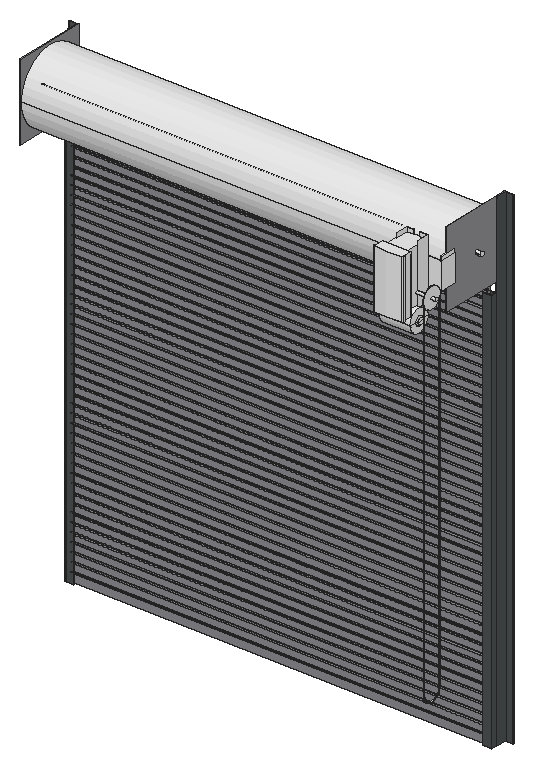
Revit family "FireKing-Fire-Rated-Insulated-Service-Doors_OHD_Model-635_compact", category Specialty Equipment, host Wall, Revit 2023
Family settings
  Host = Wall
  Round Connector Dimension = Use Diameter
  Part Type = Normal
  OmniClass Number = 23.30.10.21.34
  OmniClass Title = Industrial Doors
  Enable Cutting in Views = No
  Always vertical = Yes
  Cut with Voids When Loaded = Yes
  Maintain Annotation Orientation = No
  Shared = No
  Room Calculation Point = No
Parameters (values of type "115 volts, one phase, 60 Hz (110-120V range)")
  Width Count [instance] = if(or(Opening Width < 168", Opening Width = 168"), 14, if(or(Opening Width < 240", Opening Width = 240"), 20, 24))  # 14
  Warning Sign [instance] = if(Calculated Area > 683.00 SF, 1 = 1, 1 = 2)  # no
  Warning (Note) [instance] = if(Warning Sign, "The Door Area is out of the limit; please adjust accordingly. The maximum allowed area is 683 sq. ft.", if(HC Warning = 1, "Headroom Clearance Dimensions - out of the limits. Consult Factory", " "))  # " "
  Wall Thickness [instance] = 6"
  Voltage = 115 V
  Version = "1.00.01"  # constant formula
  True Opening Width [instance] = if(Between Jambs Mounting, Door Width True, Clear Width)  # 120"
  True Opening Height [instance] = if(Between Jambs Mounting, Clear Height + Headroom Height, Clear Height)  # 120"
  Slat Type [instance] = "F-265i"  # constant formula
  Slat Material [instance] = Steel - Overhead Door - Gray
  Slat Length [instance] = if(Between Jambs Mounting, Clear Width + 1 13/16" * 2, Clear Width + 1 9/16" * 2 + 1/4" * 2)  # 123 5/8"
  Slat Height [instance] = 13 19/128"  # constant formula
  Slat [instance] = 3  # constant formula
  Product Page URL = "https://www.overheaddoor.com/fire-rated-insulated-doors-635"
  Power Factor = 1
  Powder Coat (Note) = "PowderGuard® Premium powder coat finish options are available in approximately 200 colors as well as custom matching to specification. PowderGuard® Textured finish, a thicker, more scratch resistant coat, is available in 11 colors providing enhanced scratch resistance as well as aiding in hiding the dirt and blemishes that often occur in commercial environments.​"  # constant formula
  Operator Visibility = yes
  Operation (Note) [instance] = "Door could operate by manual push, crank, electrical operator or chain hoist. Manual push up and crank could be used up to 80 sf, for larger door sizes you have to use Chain Hoist operator."  # constant formula
  Opening Width Real [instance] = if(Opening Width > Max Opening Width, Max Opening Width, if(Opening Width < Min Opening Width, Min Opening Width, Opening Width))  # 120"
  Opening Width [instance] = 120"
  Opening Height Real [instance] = if(Opening Height > Max Opening Height, Max Opening Height, if(Opening Height < Min Opening Height, Min Opening Height, Opening Height))  # 120"
  Opening Height [instance] = 120"
  One Array element [instance] = not(Array Vis)  # no
  Number of Poles = 1
  Motor Type [instance] = if(Between Jambs Mounting, "RSX FDO Front of Hood", if(Motor Option < 2, "RSX FDO Front of Hood", if(Motor Option = 2, "RSX FDO Top of Hood", if(Motor Option = 3, "RSX Wall Mount", "RSX Bench Mount"))))  # "RSX FDO Front of Hood"
  Motor Selection (Note) [instance] = "Generic operator shown. Contact Overhead Door when dimensions are critical. "  # constant formula
  Motor Position [instance] = if(Between Jambs Mounting, BJ Displacement Real, 2 1/2")  # 2 1/2"
  Motor Option Real [instance] = if(Between Jambs Mounting, 1, if(Motor Option < 1, 1, if(Motor Option > 4, 4, Motor Option)))  # 1
  Motor Option [instance] = 1
  Min Opening Width [instance] = if(Between Jambs Mounting, 18" + BJ Displacement Real * 2 + 2 3/4" * 2, 18")  # 18"
  Min Opening Height [instance] = if(Between Jambs Mounting, 24" + Headroom Height, 24")  # 24"
  Max Opening Width [instance] = 288"  # constant formula
  Max Opening Height [instance] = 288"  # constant formula
  Lookup Table = "Hood Dimensions"  # constant formula
  Lookup BD [instance] = size_lookup(Lookup Table, "A3", 10", Width Count, Height Count)  # 21 1/2"
  Jambs Offset [instance] = if(Between Jambs Mounting, BJ Displacement Real + 2 3/4", 0")  # 0"
  Installation Real [instance] = if(Between Jambs Mounting, Wall Thickness / 2 - Guid Depth / 2, Wall Thickness)  # 6"
  Hood Type [instance] = if(Hood Option < 2, "No Hood", if(Hood Option = 2, "Square Hood", if(Hood Option = 3, "Octagon Hood", "Round Hood")))  # "No Hood"
  Hood Option [instance] = 1
  Hood Offset [instance] = if(Chain Hoist or Manual, 1", 3")  # 3"
  Hood Material [instance] = Metal - Overhead Door - Gray
  Hood Height [instance] = if(Between Jambs Mounting, Headroom Height - Hood Offset, if(Hood Option > 1, Headroom Height - Hood Offset - 1 1/2", Headroom Height - Hood Offset))  # 22 5/8"
  Height Count [instance] = HC 3  # 10
  Lookup HH [instance] = size_lookup(Lookup Table, "B3", 10", Width Count, Height Count)  # 23 5/8"
  Headroom Height [instance] = if(Chain Hoist or Manual, Lookup HH, Lookup HH + 2")  # 25 5/8"
  HC Warning [instance] = size_lookup(Lookup Table, "W3", 0, Width Count, Height Count)  # 0
  HC 3 [instance] = if(or(Opening Height < 120", Opening Height = 120"), 10, if(or(Opening Height < 168", Opening Height = 168"), 14, if(or(Opening Height < 192", Opening Height = 192"), 16, if(or(Opening Height < 216", Opening Height = 216"), 18, if(or(Opening Height < 228", Opening Height = 228"), 19, if(or(Opening Height < 252", Opening Height = 252"), 21, 24))))))  # 10
  Guide Type [instance] = if(Between Jambs Mounting, "Angled Between Jambs Z Guide", "Angled Z Guide")  # "Angled Z Guide"
  Guide Option [instance] = if(Between Jambs Mounting, 1, 2)  # 2
  Guid Depth [instance] = 5"  # constant formula
  Frequency = 60 Hz
  Face of Wall Offset [instance] = if(Between Jambs Mounting, 0", 5")  # 5"
  Face Of Wall Mounting [instance] = not(Between Jambs Mounting)  # yes
  Door Width True [instance] = if(Between Jambs Mounting, Clear Width + BJ Displacement Real * 2 + 2 3/4" * 2, Clear Width + 5 3/4" * 2)  # 131 1/2"
  Door Width (Real) [instance] = if(Between Jambs Mounting, Clear Width, Clear Width + 1" / 2)  # 120 1/2"
  Door Height True [instance] = Clear Width + Headroom Height  # 145 5/8"
  Door Height (Real) [instance] = Clear Height + Hood Offset  # 123"
  URL = "https://www.overheaddoor.com/"
  Product data url = "https://www.bimobject.com/overhead-door/product/fireking-fire-rated-service-doors-635"
  Product Guid = "b92c1c0a-c28d-4141-9bd0-b1420aeda4f7"
  Model = "635"  # constant formula
  Manufacturer = "Overhead Door Corporation"  # constant formula
  Wall Closure = By host
  Floor To (CL) of Shaft [instance] = Clear Height + Hood Height / 2 + Hood Offset  # 134 5/16"
  Finish Material = Finish - Overhead Door - Black
  Description = "FireKing Model 635 Insulated Rolling Fire Door R-Value 4.5 STC 21"  # constant formula
  Default Elevation = 0"
  Date Updated = "2026/05/29"  # constant formula
  Clear Width [instance] = if(Between Jambs Mounting, Opening Width Real - BJ Displacement Real * 2 - 2 3/4" * 2, Opening Width Real)  # 120"
  Clear Height [instance] = if(Between Jambs Mounting, Opening Height Real - Headroom Height, Opening Height Real)  # 120"
  Chain Hoist or Manual = no
  Current = 20 A
  Connector Array Distance = 0"  # constant formula
  Connector Array = if(Chain Hoist or Manual, 2, 3)  # 3
  BimObject_Variable_Connectors = "No"  # constant formula
  Between Jambs Mounting [instance] = no
  Between Jambs Guides Offset [instance] = 3"
  Bar [instance] = if(and(Hood Option > 1, Face Of Wall Mounting), 1 = 1, 1 = 2)  # no
  Backroom Depth [instance] = Lookup BD  # 21 1/2"
  BJ Opening Cut [instance] = if(Between Jambs Mounting, Headroom Height, 0")  # 0"
  BJ Displacement Real [instance] = if(Between Jambs Mounting, if(Between Jambs Guides Offset < 3", 3", if(Between Jambs Guides Offset > 6 3/4", 6 3/4", Between Jambs Guides Offset)), 0")  # 0"
  Array Vis [instance] = if(Array < 2, 1 = 2, 1 = 1)  # yes
  Array Real [instance] = if(Array < 2, 2, Array)  # 10
  Array Length [instance] = (Array) * Slat Height  # 131 31/64"
  Array [instance] = rounddown(([Door Height (Real)]) / Slat Height) + 1  # 10
  Calculated Area [instance] = [Door Width (Real)] * [Door Height (Real)]  # 102.927 SF
  Apparent Load Phase 3 = if(Number of Poles = 1, 0 VA, (Voltage * Current * sqrt(3)) / 3)  # 0 VA
  Apparent Load Phase 2 = if(Number of Poles = 1, 0 VA, (Voltage * Current * sqrt(3)) / 3)  # 0 VA
  Apparent Load Phase 1 = if(Number of Poles = 1, Voltage * Current, (Voltage * Current * sqrt(3)) / 3)  # 2300 VA
Reference planes (in)
  plane 1 "Center (Front/Back)": y = -14.625
  plane 2 "Center (Left/Right)": x = 0
  plane 3 "Left": x = -60
  plane 4 "Right": x = 60
  plane 5 "Exterior": y = -8.625
  plane 6 "Interior": y = -14.625
  plane 7: x = 65.75
  plane 8: x = -65.75
  plane 9: z = 120
  plane 10 "Main": y = -19.15209
  plane 11 "Backroom Depth": y = -36.125
  plane 12 "Main Door Block": y = -14.625
  plane 13 "Bottom Bar": z = 2.75
  plane 14: y = -19.625
  plane 15: z = 134.23438
  plane 16: z = 145.625
  plane 17: z = 123
  plane 18: z = 147.125
  plane 19: z = 0
  plane 20: z = 60
  plane 21: y = -18.88622
  plane 22: y = 18.375
  plane 23: y = -41.625
  plane 24 "Double Main": y = -18.57372
  plane 25 "Headroom Top": z = 145.625
  plane 26: z = 134.3125
  plane 27: x = 63.25
  plane 28: x = -63.25
Forms (in)
  Extrusion 1, void
    sketch origin (0, -14.625, 0) x (0, 0, -1) y (-1, 0, 0)
      loop
        line (-120, 60) -> (-120, -60) -> (0, -60) -> (0, 60) -> (-120, 60)
    from 0 to 6
  Extrusion 2, solid, material "Metal - Overhead Door - Gray" <- "Hood Material", visible <- "Bar"
    sketch origin (0, 0, 0) x (0, 1, 0) y (0, 0, 1)
      loop
        line (-14.875, 145.625) -> (-14.625, 145.625) -> (-14.625, 147.125) -> (-14.875, 147.125) -> (-14.875, 145.625)
    from -63 to 63
Lines and regions (in)
  symbolic lines, visible <- "Bar"
    curve 1: line (63, -14.625, 0) -> (-63, -14.625, 0)
    curve 2: line (-63, -14.875, 0) -> (63, -14.875, 0)
Text (in)
  text "Exterior" at (-74.96733, 27.31104, 0), in view "Ref. Level"
  text "Interior" at (-74.96733, -25.14366, 0), in view "Ref. Level"
  text "Exterior" at (0, 40.15149, 123.01588), in view "Right"
  text "Interior" at (0, -64.39139, 123.01588), in view "Right"
  text "Interior" at (0, -31.01599, 123.00693), in view "Left"
  text "Exterior" at (0, 54.57065, 123.00693), in view "Left"
Dimensions and locks (in)
  equal spacing: plane 3 "Left", plane 2 "Center (Left/Right)", plane 4 "Right"
  "Clear Width": plane 3 "Left" to plane 4 "Right"
  level to host wall = 459.59655"
  "Clear Height": level to plane 9
  plane 7 to plane 8 = 131 1/2"
  equal spacing: plane 7, plane 2 "Center (Left/Right)", plane 8
  locked: plane 13 "Bottom Bar" to level at 2.75
  "Door Width True": plane 7 to plane 8
  "Guid Depth": plane 14 to plane 12 "Main Door Block"
  locked: plane 14 to plane 10 "Main" at 0.47291
  equal spacing: group 1, group 3, group 4, group 5, group 6, group 7, group 8, group 9, group 10, group 2  (x3)
  "Array Length": plane 15 to plane 13 "Bottom Bar"
  "Backroom Depth": plane 11 "Backroom Depth" to plane 12 "Main Door Block"
  "Hood Height": plane 16 to plane 17
  locked: plane 18 to plane 16 at 1.5
  locked: Extrusion 2 sketch curve to Extrusion 2 sketch curve at 0.25
  "Installation Real": plane 1 "Center (Front/Back)" to plane 5 "Exterior"
  "Wall Thickness": host wall to host wall
  equal spacing: plane 9, plane 20, plane 19
  locked: plane 10 "Main" to plane 21 at 0.26587
  equal spacing: plane 22, host wall, plane 23
  locked: plane 22 to plane 23 at 60
  locked: plane 10 "Main" to plane 24 "Double Main" at 0.57837
  "BJ Opening Cut": Extrusion 1 sketch curve to plane 9
  locked: Extrusion 2 sketch curve to Extrusion 2 sketch curve at 1.5
  "Hood Offset": plane 17 to plane 9
  "Headroom Height": plane 25 "Headroom Top" to plane 9
  "Floor To (CL) of Shaft": plane 26 to level
  "Jambs Offset": plane 4 "Right" to Extrusion 1 sketch curve
  "Jambs Offset": Extrusion 1 sketch curve to plane 3 "Left"
  "Motor Position": plane 7 to plane 27
  "Motor Position": plane 28 to plane 8
  locked: plane 28 to Extrusion 2 at 0.25
  locked: Extrusion 2 to plane 27 at 0.25
  aligned and locked: plane 5 "Exterior" to host wall
  aligned and locked: host wall to plane 6 "Interior"
  aligned and locked: level to Extrusion 1 sketch curve
  aligned and locked: Extrusion 1 to plane 5 "Exterior"
  aligned and locked: plane 6 "Interior" to Extrusion 1
  aligned and locked: nested 1 to plane 10 "Main"
  aligned and locked: nested 2 to plane 10 "Main"
  aligned and locked: plane 13 "Bottom Bar" to nested 1
  aligned and locked: nested 3 to plane 2 "Center (Left/Right)"
  aligned and locked: plane 16 to nested 4
  aligned and locked: nested 3 to level
  aligned and locked: Extrusion 2 sketch curve to plane 18
  aligned and locked: Extrusion 2 sketch curve to plane 6 "Interior"
  aligned and locked: curve 1 to Extrusion 2  (x2)
  aligned and locked: curve 2 to Extrusion 2  (x2)
  aligned and locked: Extrusion 2 to curve 2
  aligned and locked: plane 12 "Main Door Block" to plane 1 "Center (Front/Back)"
  aligned and locked: nested 4 to plane 5 "Exterior"
  aligned and locked: level to plane 19
  aligned and locked: plane 15 to nested 2
  aligned and locked: nested 3 to plane 1 "Center (Front/Back)"
  aligned and locked: plane 2 "Center (Left/Right)" to nested 5
  aligned and locked: nested 5 to plane 22
  aligned and locked: plane 23 to nested 6
  aligned and locked: nested 6 to plane 2 "Center (Left/Right)"
  aligned and locked: nested 7 to plane 20
  aligned and locked: plane 2 "Center (Left/Right)" to nested 7
  aligned and locked: nested 7 to plane 10 "Main"
  aligned and locked: plane 13 "Bottom Bar" to nested 8
  aligned and locked: plane 2 "Center (Left/Right)" to nested 8
  aligned and locked: nested 8 to plane 10 "Main"
  aligned and locked: nested 4 to plane 27
  aligned and locked: plane 2 "Center (Left/Right)" to nested 1
  aligned and locked: plane 2 "Center (Left/Right)" to nested 9
Automatic sketch dimensions
  curve 1 to curve 2 = 0"
Nested families (in)
  nested 1: "Slat" at (0, -19.15209, 2.75), visible <- "Array Vis", type "Slat"
  nested 2: "Slat" at (0, -19.15209, 121.08438), visible <- "Array Vis", type "Slat"
  nested 3: "Lifts" at (0, -14.625, 0), type "Frame Unit"
    with Square Hood no, Round Hood no, Octagon Hood no, No Hood yes, Hood Offset 3", Hood Height 22 5/8", Headroom Height Real 25 5/8", Half Octagon Side 4.4528", Half Hood Height 22 5/8", Shaft Offset 10 3/4", Radius Hood 10 3/4", Headroom Height 25 5/8", Header Width 21 1/2", Floor To (CL) of Shaft 134 5/16"
  nested 4: "Motor" at (56.3705, -43.705, 123.2425), visible <- "Operator Visibility", type "Trolley Motor"
    with Vertical Mount 22.3825", Hood Width Real 21 1/2", Hood Width 21 1/2", Hood Height 22 5/8", Floor To Cl Shaft 134 5/16"
  nested 5: "Label Annotation 1" at (0, 18.375, 0), visible <- "Warning Sign", type "Label Annotation 1"
  nested 6: "Label Annotation 1" at (0, -41.625, 0) x (-1, 0, 0) z (0, 0, 1), visible <- "Warning Sign", type "Label Annotation 1"
  nested 7: "Warning Sign" at (0, -19.15209, 60), visible <- "Warning Sign", type "Warning Sign"
    with Warning Sign no
  nested 8: "Slat" at (0, -19.15209, 2.75), visible <- "One Array element", type "Slat"
  nested 9: "Slat" at (0, -19.15209, 15.89826), visible <- "Array Vis", type "Slat"
  nested 10: "Slat" at (0, -19.15209, 29.04653), visible <- "Array Vis", type "Slat"
  nested 11: "Slat" at (0, -19.15209, 42.19479), visible <- "Array Vis", type "Slat"
  nested 12: "Slat" at (0, -19.15209, 55.34306), visible <- "Array Vis", type "Slat"
  nested 13: "Slat" at (0, -19.15209, 68.49132), visible <- "Array Vis", type "Slat"
  nested 14: "Slat" at (0, -19.15209, 81.63958), visible <- "Array Vis", type "Slat"
  nested 15: "Slat" at (0, -19.15209, 94.78785), visible <- "Array Vis", type "Slat"
  nested 16: "Slat" at (0, -19.15209, 107.93611), visible <- "Array Vis", type "Slat"
Connectors (in)
  electrical at (59.3585, -42.31077, 133.8123), driven by "Apparent Load Phase 1", driven by "Number of Poles", driven by "Power Factor", driven by "Voltage", driven by "Apparent Load Phase 2", driven by "Apparent Load Phase 3"
    settings: on nested 4, index 1, voltage 115 V, apparent load 0 VA, apparent load phase1 2300 VA, apparent load phase2 0 VA, apparent load phase3 0 VA, power factor 1, load classification "Other", number of poles 1, system type 31, power factor state 1, is connector primary yes, connector utility no, sub classification motor no, connector description "Electrical Connector"
Definition of nested family "Slat"
  Parameters (values of type "Slat")
    Slat Width = 3/4"  # constant formula
    Slat Position = 2.63" * 5  # 13.15"
    Slat Option = 3
    Panel Material = none
    Opening Width = 123 5/8"
    F 265 = 1 = 1  # yes
    Default Elevation = 48"
  Reference planes (in)
    plane 1 "Center (Front/Back)": y = 0
    plane 2: z = 0
    plane 3 "Center (Left/Right)": x = 0
    plane 4: x = -61.8125
    plane 5: x = 61.8125
    plane 6: y = 0.75
    plane 7: y = 0
    plane 8: z = 0
    plane 9: z = 13.15
    plane 10: y = 0.375
  Forms (in)
    Extrusion 1, solid, material <- "Panel Material", visible <- "F 265"
      sketch origin (0, -4.98186, 13.15) x (0, 1, 0) y (0, 0, 1)
        loop
          arc (5.17373, -0.11957) -> (5.57105, 0.04102) -> (5.14251, 0.0437) r 0.21842
          line (5.14251, 0.0437) -> (4.98186, -0.36818) -> (4.98186, -2.21216) -> (5.67186, -2.21216) -> (5.67186, -2.96114)
          arc (5.67186, -2.96114) -> (5.65961, -2.98532) -> (5.63287, -2.98976) r 0.03
          line (5.63287, -2.98976) -> (5.15787, -2.8405) -> (5.17381, -2.76244)
          arc (5.17381, -2.76244) -> (5.57162, -2.60343) -> (5.14325, -2.59768) r 0.21842
          line (5.14325, -2.59768) -> (4.98186, -3.01145) -> (4.98186, -4.83587) -> (5.67186, -4.83587) -> (5.67186, -5.57705)
          arc (5.67186, -5.57705) -> (5.65961, -5.60124) -> (5.63287, -5.60567) r 0.03
          line (5.63287, -5.60567) -> (5.15819, -5.45652) -> (5.17407, -5.37876)
          arc (5.17407, -5.37876) -> (5.57157, -5.21912) -> (5.14325, -5.2136) r 0.21842
          line (5.14325, -5.2136) -> (4.98186, -5.62736) -> (4.98186, -7.4614) -> (5.67186, -7.4614) -> (5.67186, -8.20377)
          arc (5.67186, -8.20377) -> (5.65961, -8.22795) -> (5.63287, -8.23239) r 0.03
          line (5.63287, -8.23239) -> (5.15787, -8.08313) -> (5.17381, -8.00507)
          arc (5.17381, -8.00507) -> (5.57162, -7.84606) -> (5.14325, -7.84031) r 0.21842
          line (5.14325, -7.84031) -> (4.98186, -8.25408) -> (4.98186, -10.08693) -> (5.67186, -10.08693) -> (5.67186, -10.8306)
          arc (5.67186, -10.8306) -> (5.65961, -10.85479) -> (5.63287, -10.85922) r 0.03
          line (5.63287, -10.85922) -> (5.15819, -10.71007) -> (5.17407, -10.6323)
          arc (5.17407, -10.6323) -> (5.57157, -10.47266) -> (5.14325, -10.46715) r 0.21842
          line (5.14325, -10.46715) -> (4.98186, -10.88091) -> (4.98186, -12.71247) -> (5.67186, -12.71247) -> (5.67186, -13.46787)
          arc (5.67186, -13.46787) -> (5.65961, -13.49205) -> (5.63287, -13.49649) r 0.03
          line (5.63287, -13.49649) -> (5.15787, -13.34723) -> (5.17381, -13.26917)
          arc (5.17381, -13.26917) -> (5.57144, -13.10921) -> (5.14285, -13.1063) r 0.21842
          line (5.14285, -13.1063) -> (5.09243, -13.35158)
          arc (5.09243, -13.35158) -> (5.09708, -13.37943) -> (5.11919, -13.39699) r 0.03935
          line (5.11919, -13.39699) -> (5.62788, -13.55684)
          arc (5.62788, -13.55684) -> (5.6992, -13.54501) -> (5.73186, -13.48052) r 0.08
          line (5.73186, -13.48052) -> (5.73186, -11.02515)
          arc (5.73186, -11.02515) -> (5.70998, -10.97017) -> (5.6563, -10.94527) r 0.08
          line (5.6563, -10.94527) -> (5.15805, -10.91757)
          arc (5.15805, -10.91757) -> (5.1326, -10.90703) -> (5.12205, -10.88158) r 0.03599
          line (5.12205, -10.88158) -> (5.14644, -10.7683) -> (5.62788, -10.91957)
          arc (5.62788, -10.91957) -> (5.6992, -10.90774) -> (5.73186, -10.84325) r 0.08
          line (5.73186, -10.84325) -> (5.73186, -8.39831)
          arc (5.73186, -8.39831) -> (5.70998, -8.34334) -> (5.6563, -8.31844) r 0.08
          line (5.6563, -8.31844) -> (5.15803, -8.29076)
          arc (5.15803, -8.29076) -> (5.13258, -8.28021) -> (5.12203, -8.25476) r 0.036
          line (5.12203, -8.25476) -> (5.14608, -8.14135) -> (5.62788, -8.29274)
          arc (5.62788, -8.29274) -> (5.6992, -8.28091) -> (5.73186, -8.21642) r 0.08
          line (5.73186, -8.21642) -> (5.73186, -5.7716)
          arc (5.73186, -5.7716) -> (5.70998, -5.71663) -> (5.6563, -5.69173) r 0.08
          line (5.6563, -5.69173) -> (5.15805, -5.66403)
          arc (5.15805, -5.66403) -> (5.1326, -5.65348) -> (5.12205, -5.62803) r 0.03599
          line (5.12205, -5.62803) -> (5.14644, -5.51475) -> (5.62788, -5.66603)
          arc (5.62788, -5.66603) -> (5.6992, -5.6542) -> (5.73186, -5.5897) r 0.08
          line (5.73186, -5.5897) -> (5.73186, -3.15569)
          arc (5.73186, -3.15569) -> (5.70998, -3.10071) -> (5.6563, -3.07581) r 0.08
          line (5.6563, -3.07581) -> (5.15803, -3.04813)
          arc (5.15803, -3.04813) -> (5.13258, -3.03758) -> (5.12203, -3.01213) r 0.036
          line (5.12203, -3.01213) -> (5.14608, -2.89872) -> (5.62788, -3.05011)
          arc (5.62788, -3.05011) -> (5.6992, -3.03828) -> (5.73186, -2.97379) r 0.08
          line (5.73186, -2.97379) -> (5.73186, -0.5124)
          arc (5.73186, -0.5124) -> (5.7099, -0.45735) -> (5.65608, -0.43252) r 0.08
          line (5.65608, -0.43252) -> (5.15717, -0.40616)
          arc (5.15717, -0.40616) -> (5.13253, -0.39595) -> (5.12232, -0.37131) r 0.03484
          line (5.12232, -0.37131) -> (5.17373, -0.11957)
      from -61.8125 to 61.8125
  Lines and regions (in)
    reference lines
      curve 1: line (0, -4.98186, 13.15) -> (0, 10.2077, 13.15)
  Dimensions and locks (in)
    equal spacing: plane 4, plane 3 "Center (Left/Right)", plane 5
    "Opening Width": plane 4 to plane 5
    "Slat Width": plane 1 "Center (Front/Back)" to plane 6
    "Slat Position": plane 9 to level
    equal spacing: plane 1 "Center (Front/Back)", plane 10, plane 6
    aligned and locked: plane 2 to level
    aligned and locked: plane 1 "Center (Front/Back)" to plane 7
    aligned and locked: level to plane 8
    aligned and locked: plane 5 to Extrusion 1
    aligned and locked: plane 4 to Extrusion 1
    aligned and locked: curve 1 to plane 9
  Automatic sketch dimensions
    plane 1 "Center (Front/Back)" to curve 1 = 4.98186"
    curve 1 to plane 6 = 9.4577"
    curve 1 to Extrusion 1 sketch curve = 4.98186"  (x2)
    Extrusion 1 sketch curve to Extrusion 1 sketch curve = 0"  (x4)
    curve 1 to Extrusion 1 sketch curve = 0.36818"
    Extrusion 1 sketch curve to Extrusion 1 sketch curve = 0.11057"
    Extrusion 1 sketch curve to Extrusion 1 sketch curve = 0.02676"
    Extrusion 1 sketch curve to Extrusion 1 sketch curve = 0.14017"  (x2)
    Extrusion 1 sketch curve to Extrusion 1 sketch curve = 0.14019"  (x2)
    curve 1 to Extrusion 1 sketch curve = 0.37131"
    Extrusion 1 sketch curve to Extrusion 1 sketch curve = 0.14046"
    Extrusion 1 sketch curve to Extrusion 1 sketch curve = 0.0118"
    Extrusion 1 sketch curve to curve 1 = 0.0437"
    Extrusion 1 sketch curve to Extrusion 1 sketch curve = 0.02019"
    Extrusion 1 sketch curve to Extrusion 1 sketch curve = 0.02119"  (x2)
    Extrusion 1 sketch curve to Extrusion 1 sketch curve = 0.02122"  (x2)
    curve 1 to Extrusion 1 sketch curve = 2.59768"
    Extrusion 1 sketch curve to Extrusion 1 sketch curve = 0.02405"  (x2)
    Extrusion 1 sketch curve to Extrusion 1 sketch curve = 0.02439"  (x2)
    Extrusion 1 sketch curve to Extrusion 1 sketch curve = 0.03484"
    Extrusion 1 sketch curve to Extrusion 1 sketch curve = 0.02689"
    Extrusion 1 sketch curve to Extrusion 1 sketch curve = 0.01179"  (x2)
    curve 1 to Extrusion 1 sketch curve = 3.04813"
    Extrusion 1 sketch curve to Extrusion 1 sketch curve = 0.036"  (x2)
    Extrusion 1 sketch curve to Extrusion 1 sketch curve = 0.03599"  (x2)
    Extrusion 1 sketch curve to Extrusion 1 sketch curve = 0.01175"  (x2)
    curve 1 to Extrusion 1 sketch curve = 0.11957"
    Extrusion 1 sketch curve to Extrusion 1 sketch curve = 0.03122"
    Extrusion 1 sketch curve to Extrusion 1 sketch curve = 0.01594"  (x3)
    curve 1 to Extrusion 1 sketch curve = 2.76244"
    Extrusion 1 sketch curve to Extrusion 1 sketch curve = 0.01588"  (x2)
    curve 1 to Extrusion 1 sketch curve = 0"
    Extrusion 1 sketch curve to Extrusion 1 sketch curve = 0.18305"  (x2)
    Extrusion 1 sketch curve to Extrusion 1 sketch curve = 0.18279"  (x2)
    Extrusion 1 sketch curve to Extrusion 1 sketch curve = 0.21361"
    Extrusion 1 sketch curve to Extrusion 1 sketch curve = 0.27102"
    curve 1 to Extrusion 1 sketch curve = 3.05011"
    Extrusion 1 sketch curve to Extrusion 1 sketch curve = 0.46985"  (x2)
    Extrusion 1 sketch curve to Extrusion 1 sketch curve = 0.46983"  (x2)
    curve 1 to Extrusion 1 sketch curve = 2.98976"
    Extrusion 1 sketch curve to Extrusion 1 sketch curve = 0.00499"  (x5)
    Extrusion 1 sketch curve to Extrusion 1 sketch curve = 0.00899"  (x5)
    Extrusion 1 sketch curve to Extrusion 1 sketch curve = 0.01"  (x5)
    Extrusion 1 sketch curve to Extrusion 1 sketch curve = 0.02398"  (x4)
    Extrusion 1 sketch curve to Extrusion 1 sketch curve = 0.49469"
    curve 1 to Extrusion 1 sketch curve = 0.43252"
    Extrusion 1 sketch curve to Extrusion 1 sketch curve = 0.00422"
    Extrusion 1 sketch curve to Extrusion 1 sketch curve = 0.02842"  (x4)
    curve 1 to Extrusion 1 sketch curve = 3.07581"
    Extrusion 1 sketch curve to Extrusion 1 sketch curve = 0.315"  (x3)
    Extrusion 1 sketch curve to Extrusion 1 sketch curve = 0.02"  (x2)
    Extrusion 1 sketch curve to Extrusion 1 sketch curve = 0.08"  (x2)
    Extrusion 1 sketch curve to Extrusion 1 sketch curve = 0.06"
    Extrusion 1 sketch curve to Extrusion 1 sketch curve = 1.68018"
    Extrusion 1 sketch curve to Extrusion 1 sketch curve = 0.37773"
    Extrusion 1 sketch curve to Extrusion 1 sketch curve = 0.04559"  (x3)
    Extrusion 1 sketch curve to Extrusion 1 sketch curve = 0.07776"  (x2)
    Extrusion 1 sketch curve to Extrusion 1 sketch curve = 0.05823"  (x2)
    Extrusion 1 sketch curve to Extrusion 1 sketch curve = 0.11262"  (x2)
    Extrusion 1 sketch curve to Extrusion 1 sketch curve = 29/256"  (x2)
    Extrusion 1 sketch curve to Extrusion 1 sketch curve = 1.6898"
    Extrusion 1 sketch curve to Extrusion 1 sketch curve = 97/256"
    Extrusion 1 sketch curve to Extrusion 1 sketch curve = 0.07806"  (x2)
    Extrusion 1 sketch curve to Extrusion 1 sketch curve = 0.05822"
    Extrusion 1 sketch curve to Extrusion 1 sketch curve = 0.11273"
    Extrusion 1 sketch curve to Extrusion 1 sketch curve = 0.11341"
    Extrusion 1 sketch curve to Extrusion 1 sketch curve = 1.68862"
    Extrusion 1 sketch curve to Extrusion 1 sketch curve = 0.38021"
    Extrusion 1 sketch curve to Extrusion 1 sketch curve = 1.79489"
    Extrusion 1 sketch curve to Extrusion 1 sketch curve = 0.43753"
    Extrusion 1 sketch curve to Extrusion 1 sketch curve = 0.11917"
    Extrusion 1 sketch curve to Extrusion 1 sketch curve = 0.00435"
    Extrusion 1 sketch curve to Extrusion 1 sketch curve = 0.01222"
    Extrusion 1 sketch curve to Extrusion 1 sketch curve = 0.00068"
    Extrusion 1 sketch curve to Extrusion 1 sketch curve = 0.43112"
    Extrusion 1 sketch curve to Extrusion 1 sketch curve = 0.0313"
    Extrusion 1 sketch curve to Extrusion 1 sketch curve = 0.00034"
Definition of nested family "Lifts"
  Parameters (values of type "Frame Unit")
    True Width = if(Between Jambs, Opening Width, Opening Width + 1/2")  # 120 1/2"
    Square Hood [instance] = if(Hood Option = 2, 1 = 1, 1 = 2)  # no
    Round Hood [instance] = if(Hood Option > 3, 1 = 1, 1 = 2)  # no
    Rough Width = 0"
    Rough Height = 0"
    Octagon Hood [instance] = if(Hood Option = 3, 1 = 1, 1 = 2)  # no
    No Hood [instance] = if(Hood Option < 2, 1 = 1, 1 = 2)  # yes
    Hood Type = if(Hood Option < 2, "No Hood", if(Hood Option = 2, "Square Hood", if(Hood Option = 3, "Octagon Hood", "Round Hood")))  # "No Hood"
    Hood Option = 1
    Hood Offset = 3 1/2"
    Hood Height = Headroom Height Real - Hood Offset  # 18 1/8"
    Headroom Height Real = if(Between Jambs, Headroom Height, if(Hood Option > 1, Headroom Height - 1 1/2", Headroom Height))  # 21 5/8"
    Half Octagon Side = (Radius Hood * 2 * tan(180.00° / 8)) / 2  # 3.62437"
    Half Hood Height = Headroom Height - Hood Offset  # 18 1/8"
    E Guide Width = if(Between Jambs, Guide Offset - Z Guide Offset + BJ Connection Length - BJ Displacement * 2 / 3, 3 3/8")  # 3 3/8"
    E Guide Height = 3 7/16"
    Z Guide = 1 = 1  # yes
    Slat Material = none
    Shaft Offset = if(Hood Height < Header Width, (Header Width - (Header Width - Hood Height)) / 2, Header Width / 2)  # 8 3/4"
    Shaft Material = none
    Shaft Length 2 = 4 3/4"  # constant formula
    Shaft Length 1 = 4 3/4"  # constant formula
    Setback = if(Between Jambs, 0", 1/4")  # 1/4"
    Radius Hood = Shaft Offset  # 8 3/4"
    Opening Width = 120"
    Hood Material = none
    Headroom Height = 21 5/8"
    Header Width = 17 1/2"
    Opening Height = 120"
    Guide Type = if(Between Jambs, "Angled Between Jambs Z Guide", "Angled Z Guide")  # "Angled Z Guide"
    Guide Option = if(Between Jambs, 1, 2)  # 2
    Guide Offset = BJ Displacement + Z Guide Offset  # 3"
    Guide Z Wide = if(Between Jambs, Guide Offset - Z Guide Offset + BJ Connection Length - BJ Displacement * 2 / 3, 2 1/2")  # 2 1/2"
    Guide Z Height = 3.438"  # constant formula
    Floor To (CL) of Shaft = 132 9/16"
    Finish Material = none
    Face to Wall Mount = not(Between Jambs)  # yes
    Z Guide Offset = if(Between Jambs, 2 3/4", 3")  # 3"
    E Guide = if(Between Jambs, 1 = 1, 1 = 2)  # no
    Between Jambs = no
    BJ Position = if(and(Between Jambs, Guide Option < 2), 1/4", 0")  # 0"
    BJ Displacement = 0"
    BJ Connection Length = 1 / 3 * BJ Displacement  # 0"
    Angled Guide = 1 = 1  # yes
    Analytic Construction = "<None>"
  Reference planes (in)
    plane 1 "Center (Front/Back)": y = 0
    plane 2: z = 0
    plane 3 "Center (Left/Right)": x = 0
    plane 4 "Opening Height": z = 120
    plane 5: x = -65
    plane 6: x = 65
    plane 7: z = 141.625
    plane 8: y = 17.5
    plane 9 "Real Opening 2": x = -60.25
    plane 10 "Real Opening 1": x = 60.25
    plane 11: z = 123.5
    plane 12 "Main": y = 0
    plane 13: z = 132.5625
    plane 14: y = 8.75
    plane 15: x = 63.25
    plane 16: x = -63.25
    plane 17: x = -63.25
    plane 18: x = 63.25
    plane 19: y = 5
    plane 20: x = -63
    plane 21: x = 63
    plane 22: y = 8.75
    plane 23: z = 143.125
  Forms (in)
    Extrusion 1, solid, material <- "Slat Material"
      sketch origin (0, 0, 0) x (0, 1, 0) y (0, 0, 1)
        loop
          line (4.406, 2.375) -> (4.406, 2.75) -> (3.781, 2.75) -> (3.781, 2.375) -> (4.406, 2.375)
      from -63 to 63
    Extrusion 2, solid, material <- "Slat Material"
      sketch origin (0, 0, 0) x (0, 1, 0) y (0, 0, 1)
        loop
          line (4.406, 2.375) -> (3.781, 2.375) -> (3.781, 0) -> (4.406, 0) -> (4.406, 2.375)
      from -63 to 63
    Extrusion 3, solid, material <- "Shaft Material"
      sketch origin (0, -5.35201, 0) x (0, 1, 0) y (0, 0, 1)
        loop
          circle (14.10201, 132.5625) r 0.6
      from -65 to 65
    Extrusion 4, solid, material <- "Hood Material", visible <- "Square Hood"
      sketch origin (0, 0, 0) x (0, 1, 0) y (0, 0, 1)
        loop
          line (0, 123.5) -> (17.5, 123.5) -> (17.5, 141.625) -> (0, 141.625) -> (0, 123.5)
      from -63 to 63
    Extrusion 5, solid, material <- "Hood Material", visible <- "Round Hood"
      sketch origin (0, 0, 0) x (0, 1, 0) y (0, 0, 1)
        loop
          line (0, 141.625) -> (0, 123.5) -> (8.75, 123.5)
          arc (8.75, 123.5) -> (17.8125, 132.5625) -> (8.75, 141.625) r 9.0625
          line (8.75, 141.625) -> (0, 141.625)
      from -63 to 63
    Extrusion 6, solid, material <- "Finish Material", visible <- "E Guide"
      sketch origin (0, 0, 0) x (1, 0, 0) y (0, 1, 0)
        loop
          line (59.875, 0) -> (63.25, 0) -> (63.25, 3.4375) -> (63.1875, 3.4375)
          arc (63.1875, 3.4375) -> (63.05492, 3.38258) -> (63, 3.25) r 0.1875
          line (63, 3.25) -> (63, 0.25) -> (60.0625, 0.25)
          arc (60.0625, 0.25) -> (59.92992, 0.19508) -> (59.875, 0.0625) r 0.1875
          line (59.875, 0.0625) -> (59.875, 0)
        loop
          line (-59.875, 0) -> (-59.875, 0.0625)
          arc (-59.875, 0.0625) -> (-59.92992, 0.19508) -> (-60.0625, 0.25) r 0.1875
          line (-60.0625, 0.25) -> (-63, 0.25) -> (-63, 3.25)
          arc (-63, 3.25) -> (-63.05492, 3.38258) -> (-63.1875, 3.4375) r 0.1875
          line (-63.1875, 3.4375) -> (-63.25, 3.4375) -> (-63.25, 0) -> (-59.875, 0)
      from 0 to 141.625
    Extrusion 7, solid, material <- "Finish Material", visible <- "Z Guide"
      sketch origin (0, 0, 0) x (1, 0, 0) y (0, 1, 0)
        loop
          line (65.75, 0) -> (65.75, 0.062)
          arc (65.75, 0.062) -> (65.69494, 0.19494) -> (65.562, 0.25) r 0.188
          line (65.562, 0.25) -> (63.5, 0.25) -> (63.5, 3.25)
          arc (63.5, 3.25) -> (63.44494, 3.38294) -> (63.312, 3.438) r 0.188
          line (63.312, 3.438) -> (63.25, 3.438) -> (63.25, 0) -> (65.75, 0)
        loop
          line (-65.75, 0) -> (-63.25, 0) -> (-63.25, 3.438) -> (-63.312, 3.438)
          arc (-63.312, 3.438) -> (-63.44494, 3.38294) -> (-63.5, 3.25) r 0.188
          line (-63.5, 3.25) -> (-63.5, 0.25) -> (-65.562, 0.25)
          arc (-65.562, 0.25) -> (-65.69494, 0.19494) -> (-65.75, 0.062) r 0.188
          line (-65.75, 0.062) -> (-65.75, 0)
      from 0 to 141.625
    Extrusion 8, solid, material <- "Finish Material", visible <- "Angled Guide"
      sketch origin (0, 0, 0) x (1, 0, 0) y (0, 1, 0)
        loop
          line (60.5, 5) -> (60.5, 4.937)
          arc (60.5, 4.937) -> (60.55477, 4.80477) -> (60.687, 4.75) r 0.187
          line (60.687, 4.75) -> (63, 4.75) -> (63, 3.4375) -> (60.5, 3.4375) -> (60.5, 3.3745)
          arc (60.5, 3.3745) -> (60.55477, 3.24227) -> (60.687, 3.1875) r 0.187
          line (60.687, 3.1875) -> (62.75, 3.1875) -> (62.75, 1) -> (63, 1) -> (63, 0.6875) -> (63.25, 0.6875) -> (63.25, 5) -> (60.5, 5)
        loop
          line (-60.5, 5) -> (-63.25, 5) -> (-63.25, 0.6875) -> (-63, 0.6875) -> (-63, 1) -> (-62.75, 1) -> (-62.75, 3.1875) -> (-60.687, 3.1875)
          arc (-60.687, 3.1875) -> (-60.55477, 3.24227) -> (-60.5, 3.3745) r 0.187
          line (-60.5, 3.3745) -> (-60.5, 3.4375) -> (-63, 3.4375) -> (-63, 4.75) -> (-60.687, 4.75)
          arc (-60.687, 4.75) -> (-60.55477, 4.80477) -> (-60.5, 4.937) r 0.187
          line (-60.5, 4.937) -> (-60.5, 5)
      from 0 to 120
    Extrusion 9, solid, material <- "Hood Material"
      sketch origin (0, 0, 0) x (-1, 0, 0) y (0, 0, 1)
        loop
          line (63, 123.5) -> (63.25, 123.5) -> (63.25, 141.625) -> (63, 141.625) -> (63, 123.5)
        loop
          line (-63.25, 123.5) -> (-63, 123.5) -> (-63, 141.625) -> (-63.25, 141.625) -> (-63.25, 123.5)
      from 0 to 17.5
    Extrusion 10, solid, material <- "Shaft Material", visible <- "No Hood"
      sketch origin (0, 0, 0) x (0, 1, 0) y (0, 0, 1)
        loop
          circle (8.75, 132.5625) r 8.75
      from -63 to 63
    Extrusion 11, solid, material <- "Hood Material", visible <- "Octagon Hood"
      sketch origin (0, 0, 0) x (0, 1, 0) y (0, 0, 1)
        loop
          line (0, 141.625) -> (0, 123.5) -> (12.37437, 123.5) -> (17.5, 128.93813) -> (17.5, 136.18687) -> (12.37437, 141.625) -> (0, 141.625)
      from -63 to 63
  Lines and regions (in)
    Masking region 1
      outline origin (0, 0, 0) x (1, 0, 0) y (0, 1, 0)
        loop
          line (65, 9.35) -> (63.25, 9.35) -> (63.25, 8.15) -> (65, 8.15) -> (65, 9.35)
        loop
          line (-65, 8.15) -> (-63.25, 8.15) -> (-63.25, 9.35) -> (-65, 9.35) -> (-65, 8.15)
    Masking region 2
      outline origin (0, 0, 0) x (1, 0, 0) y (0, 1, 0)
        loop
          line (-63.25, 17.5) -> (-63.25, 0) -> (63.25, 0) -> (63.25, 17.5) -> (-63.25, 17.5)
    Masking region 3, visible <- "Z Guide"
      outline origin (0, 0, 0) x (1, 0, 0) y (0, 1, 0)
        loop
          line (65.562, 0.25) -> (63.5, 0.25) -> (63.5, 3.25)
          arc (63.5, 3.25) -> (63.44494, 3.38294) -> (63.312, 3.438) r 0.188
          line (63.312, 3.438) -> (63.25, 3.438) -> (63.25, 0) -> (65.75, 0) -> (65.75, 0.062)
          arc (65.75, 0.062) -> (65.69494, 0.19494) -> (65.562, 0.25) r 0.188
        loop
          line (-63.5, 0.25) -> (-65.562, 0.25)
          arc (-65.562, 0.25) -> (-65.69494, 0.19494) -> (-65.75, 0.062) r 0.188
          line (-65.75, 0.062) -> (-65.75, 0) -> (-63.25, 0) -> (-63.25, 3.438) -> (-63.312, 3.438)
          arc (-63.312, 3.438) -> (-63.44494, 3.38294) -> (-63.5, 3.25) r 0.188
          line (-63.5, 3.25) -> (-63.5, 0.25)
    Masking region 4, visible <- "E Guide"
      outline origin (0, 0, 0) x (1, 0, 0) y (0, 1, 0)
        loop
          line (-63.25, 3.4375) -> (-63.25, 0) -> (-59.875, 0) -> (-59.875, 0.0625)
          arc (-59.875, 0.0625) -> (-59.92992, 0.19508) -> (-60.0625, 0.25) r 0.1875
          line (-60.0625, 0.25) -> (-63, 0.25) -> (-63, 3.25)
          arc (-63, 3.25) -> (-63.05492, 3.38258) -> (-63.1875, 3.4375) r 0.1875
          line (-63.1875, 3.4375) -> (-63.25, 3.4375)
        loop
          line (63.25, 0) -> (63.25, 3.4375) -> (63.1875, 3.4375)
          arc (63.1875, 3.4375) -> (63.05492, 3.38258) -> (63, 3.25) r 0.1875
          line (63, 3.25) -> (63, 0.25) -> (60.0625, 0.25)
          arc (60.0625, 0.25) -> (59.92992, 0.19508) -> (59.875, 0.0625) r 0.1875
          line (59.875, 0.0625) -> (59.875, 0) -> (63.25, 0)
    symbolic lines
      curve 1: line (-63, 0, 0) -> (-63, 17.5, 0)
      curve 2: line (63, 17.5, 0) -> (63, 0, 0)
    symbolic lines, visible <- "Octagon Hood"
      curve 3: line (-63, 12.37437, 0) -> (63, 12.37437, 0)
  Dimensions and locks (in)
    Extrusion 1 sketch curve to level = 2 3/8"
    locked: Extrusion 1 sketch curve to Extrusion 1 sketch curve at 0.625
    locked: Extrusion 2 sketch curve to level at 2.375
    "Headroom Height Real": plane 7 to plane 4 "Opening Height"
    plane 8 to plane 1 "Center (Front/Back)" = 17 1/2"
    "Radius Hood": Extrusion 5 sketch curve to plane 8
    "Opening Height": plane 4 "Opening Height" to level
    "Hood Offset": plane 11 to plane 4 "Opening Height"
    "BJ Position": plane 12 "Main" to plane 1 "Center (Front/Back)"
    "Header Width": plane 12 "Main" to plane 8
    "Floor To (CL) of Shaft": plane 13 to level
    "Shaft Offset": Extrusion 3 sketch curve to plane 8
    locked: Extrusion 2 sketch curve to Extrusion 2 sketch curve at 0.625
    "Shaft Offset": plane 8 to plane 14
    locked: Masking region 1 sketch curve to Masking region 1 sketch curve at 1.2
    locked: Masking region 1 sketch curve to plane 14 at 0.6
    "Guide Offset": plane 10 "Real Opening 1" to plane 15
    "Guide Offset": plane 16 to plane 9 "Real Opening 2"
    locked: Extrusion 6 sketch curve to Extrusion 6 sketch curve at 0.25  (x4)
    "E Guide Height": Extrusion 6 sketch curve to Extrusion 6 sketch curve  (x2)
    "E Guide Width": Extrusion 6 sketch curve to Extrusion 6 sketch curve  (x2)
    locked: Extrusion 7 sketch curve to Extrusion 7 sketch curve at 0.25  (x4)
    "Guide Z Wide": Extrusion 7 sketch curve to Extrusion 7 sketch curve  (x2)
    "Guide Z Height": Extrusion 7 sketch curve to Extrusion 7 sketch curve  (x2)
    locked: Extrusion 8 sketch curve to Extrusion 8 sketch curve at 0.25  (x8)
    locked: Extrusion 8 sketch curve to Extrusion 8 sketch curve at 1.8125  (x2)
    locked: plane 19 to plane 12 "Main" at 5
    locked: Extrusion 8 sketch curve to Extrusion 8 sketch curve at 4.3125  (x2)
    locked: Extrusion 8 sketch curve to Extrusion 8 sketch curve at 0.3125  (x2)
    locked: Extrusion 8 sketch curve to Extrusion 8 sketch curve at 2.75  (x2)
    "Setback": plane 10 "Real Opening 1" to Extrusion 8 sketch curve
    "Setback": Extrusion 8 sketch curve to plane 9 "Real Opening 2"
    equal spacing: plane 16, plane 3 "Center (Left/Right)", plane 15
    "Z Guide Offset": Extrusion 7 sketch curve to plane 9 "Real Opening 2"
    "Z Guide Offset": plane 10 "Real Opening 1" to Extrusion 7 sketch curve
    "Z Guide Offset": plane 10 "Real Opening 1" to plane 18
    "Z Guide Offset": plane 17 to plane 9 "Real Opening 2"
    "Shaft Length 1": plane 5 to plane 9 "Real Opening 2"
    "Shaft Length 2": plane 6 to plane 10 "Real Opening 1"
    locked: Extrusion 2 sketch curve to plane 12 "Main" at 3.781
    locked: Extrusion 1 sketch curve to plane 12 "Main" at 3.781
    locked: Extrusion 2 to plane 18 at 0.25
    locked: Extrusion 2 to plane 17 at 0.25
    locked: plane 17 to plane 20 at 0.25
    locked: plane 21 to plane 18 at 0.25
    "Shaft Offset": Extrusion 10 sketch curve to plane 8
    plane 13 to plane 11 = 9 1/16"
    plane 7 to plane 13 = 9 1/16"
    "Shaft Offset": plane 22 to plane 8
    "Half Octagon Side": Extrusion 11 sketch curve to plane 13
    "Half Octagon Side": plane 13 to Extrusion 11 sketch curve
    "Half Octagon Side": plane 22 to Extrusion 11 sketch curve  (x2)
    equal spacing: plane 9 "Real Opening 2", plane 3 "Center (Left/Right)", plane 10 "Real Opening 1"
    "True Width": plane 9 "Real Opening 2" to plane 10 "Real Opening 1"
    locked: plane 23 to plane 7 at 1.5
    radius of Extrusion 6 sketch curve = 3/16"  (x4)
    radius of Extrusion 7 sketch curve = 0.188"  (x4)
    locked: Extrusion 8 sketch curve to Extrusion 8 sketch curve (radius 0.187")  (x4)
    "Radius Hood": radius of Extrusion 10 sketch curve
    aligned and locked: plane 2 to level
    aligned and locked: plane 5 to Extrusion 3
    aligned and locked: Extrusion 3 to plane 6
    aligned and locked: Extrusion 4 sketch curve to plane 7
    aligned and locked: Extrusion 4 sketch curve to plane 8
    aligned and locked: Extrusion 5 sketch curve to plane 7
    aligned and locked: plane 13 to Extrusion 3 sketch curve
    aligned and locked: plane 5 to Masking region 1 sketch curve
    aligned and locked: plane 6 to Masking region 1 sketch curve
    aligned and locked: Masking region 1 sketch curve to Masking region 1 sketch curve  (x2)
    aligned and locked: plane 12 "Main" to Extrusion 6 sketch curve  (x2)
    aligned and locked: Extrusion 6 sketch curve to plane 15
    aligned and locked: plane 16 to Extrusion 6 sketch curve
    aligned and locked: Extrusion 7 sketch curve to plane 1 "Center (Front/Back)"  (x2)
    aligned and locked: Extrusion 8 sketch curve to Extrusion 8 sketch curve  (x4)
    aligned and locked: plane 19 to Extrusion 8 sketch curve
    aligned and locked: Extrusion 8 sketch curve to plane 19
    aligned and locked: plane 4 "Opening Height" to Extrusion 8
    aligned and locked: Extrusion 5 sketch curve to plane 12 "Main"
    aligned and locked: plane 12 "Main" to Extrusion 4 sketch curve
    aligned and locked: Extrusion 9 sketch curve to plane 11  (x2)
    aligned and locked: Extrusion 9 sketch curve to plane 7  (x2)
    aligned and locked: plane 17 to Extrusion 9 sketch curve
    aligned and locked: Extrusion 9 sketch curve to plane 18
    aligned and locked: Masking region 2 sketch curve to Extrusion 4
    aligned and locked: Masking region 2 to curve 2  (x2)
    aligned and locked: Masking region 2 to curve 1  (x2)
    aligned and locked: Masking region 3 sketch curve to Extrusion 7  (x10)
    aligned and locked: Extrusion 7 to Masking region 3 sketch curve
    aligned and locked: Masking region 4 sketch curve to Extrusion 6  (x10)
    aligned and locked: Extrusion 2 to Extrusion 1
    aligned and locked: Extrusion 1 to Extrusion 2
    aligned and locked: curve 1 to Extrusion 9
    aligned and locked: Extrusion 9 to curve 2
    aligned and locked: Masking region 2 to plane 17
    aligned and locked: Masking region 2 to plane 18
    aligned and locked: plane 18 to Masking region 1 sketch curve
    aligned and locked: Masking region 1 sketch curve to plane 17
    aligned and locked: plane 20 to Extrusion 9 sketch curve
    aligned and locked: plane 21 to Extrusion 9 sketch curve
    aligned and locked: plane 20 to Extrusion 4
    aligned and locked: plane 20 to Extrusion 5
    aligned and locked: Extrusion 4 to plane 21
    aligned and locked: Extrusion 5 to plane 21
    aligned and locked: plane 13 to Extrusion 10 sketch curve
    aligned and locked: Extrusion 11 sketch curve to plane 12 "Main"
    aligned and locked: Extrusion 11 sketch curve to plane 7
    aligned and locked: Extrusion 11 sketch curve to plane 11
    aligned and locked: Extrusion 11 sketch curve to plane 8
    aligned and locked: Extrusion 11 to plane 20
    aligned and locked: Extrusion 11 to plane 21
    aligned and locked: plane 20 to Extrusion 10
    aligned and locked: Extrusion 10 to plane 21
    aligned and locked: plane 8 to Extrusion 9
    aligned and locked: Extrusion 11 to curve 3
    aligned and locked: plane 20 to curve 3
    aligned and locked: plane 21 to curve 3
    aligned and locked: Extrusion 7 to plane 7
    aligned and locked: plane 7 to Extrusion 6
    aligned and locked: Extrusion 4 sketch curve to plane 11
    aligned and locked: Extrusion 5 sketch curve to plane 11
  Automatic sketch dimensions
    Extrusion 2 sketch curve to level = 0"
    Extrusion 1 sketch curve to Extrusion 1 sketch curve = 3/8"
    plane 17 to Masking region 2 sketch curve = 0"
    Masking region 2 sketch curve to plane 18 = 0"
    Masking region 2 sketch curve to plane 1 "Center (Front/Back)" = 0"
    radius of Extrusion 3 sketch curve = 0.6"
Definition of nested family "Motor"
  Parameters (values of type "Trolley Motor")
    Wall Mount RSX = if(Chain Hoist, 1 = 2, if(Motor Option = 3, 1 = 1, 1 = 2))  # no
    Top Mount RSX = if(Chain Hoist, 1 = 2, if(Motor Option = 2, 1 = 1, 1 = 2))  # no
    Shaft Material = none
    Real Exterior Wall Offset = if(Wall Mount RSX, Displacement, Exterior Wall Offset + if(and(BJ, Bench Mount RSX, Hood Width < 19 1/2"), 2.6", 0"))  # 6"
    Not Chain Hoist = not(Chain Hoist)  # yes
    Not Bench + Top = not(or(Top Mount RSX, Chain Hoist, Bench Mount RSX))  # yes
    Horizontal Mount = if(Face Mount RSX, 5.08" + 0.12" + 2.38", if(Top Mount RSX, 11.19", if(Wall Mount RSX, 5.08", if(Bench Mount RSX, 4.77" + if(or(Hood Width < 14", Hood Width = 14"), 6.13", if(or(Hood Width < 16", Hood Width = 16"), 4.13", 3 1/4")), 0"))))  # 7.58"
    Not Fire King = if(Chain Hoist, 1 = 2, not(Chain Hoist))  # yes
    Vertical Mount = if(Face Mount RSX, 11.07" + Hood Height / 2, if(Top Mount RSX, 14.92" - 0.13" - 2.38", if(Wall Mount RSX, 20.03" + 6" + Hood Height / 2, if(Bench Mount RSX, 20" + 2.29" + Hood Height / 2, Hood Height))))  # 20.3825"
    Motor Type = if(Motor Option < 2, "RSX FDO Face Mount", if(Motor Option = 2, "RSX FDO Top Mount", if(Motor Option = 3, "RSX Wall Mount", if(Motor Option = 4, "RSX Bench Mount", "Chain Hoist"))))  # "RSX FDO Face Mount"
    Motor Option = 1
    Main Material = none
    Hood Width Real = if(Wall Mount RSX, 0", if(Chain Hoist, if(Hood Height < Hood Width, (Hood Width + (Hood Width - Hood Height)) / 2, Hood Width / 2), Hood Width))  # 17 1/2"
    Hood Width = 17 1/2"
    Hood Height = 18 5/8"
    Hood Mount = if(or(Face Mount RSX, Top Mount RSX), 0.37", if(Wall Mount RSX, if(BJ, 12.24" + BJ Displacement, 14.74"), if(Bench Mount RSX, 14.49", 4.26")))  # 0.37"
    Floor To Cl Shaft = 132 5/16"
    Fire King RHX = 1 = 2  # no
    Top Option Offset = if(or(Top Mount RSX, Bench Mount RSX), 20", 0")  # 0"
    Face+Top = if(Chain Hoist, 1 = 2, if(or(Face Mount RSX, Top Mount RSX), 1 = 1, 1 = 2))  # yes
    Face Mount RSX = if(Chain Hoist, 1 = 2, if(Motor Option < 2, 1 = 1, 1 = 2))  # yes
    Top + Bench = if(Chain Hoist, 1 = 2, if(or(Top Mount RSX, Bench Mount RSX), 1 = 1, 1 = 2))  # no
    Face + Top + Bench = if(Chain Hoist, 1 = 2, if(or(Face Mount RSX, Top Mount RSX, Bench Mount RSX), 1 = 1, 1 = 2))  # yes
    Exterior Wall Offset = 6"
    Displacement = 6"
    Default Elevation = 48"
    Chain V Offset = if(or(Face Mount RSX, Wall Mount RSX), 6.53", if(or(Top Mount RSX, Bench Mount RSX), 18.81", Hood Height / 2))  # 6.53"
    Chain H Offset = if(or(Face Mount RSX, Wall Mount RSX), 1.19", if(or(Top Mount RSX, Bench Mount RSX), 6.53", 0"))  # 1.19"
    Chain Hoist = no
    Bench Mount RSX = if(Chain Hoist, 1 = 2, if(Motor Option > 3, 1 = 1, 1 = 2))  # no
    BJ Displacement = 0"
    BJ = no
    Angle = if(or(Bench Mount RSX, Top Mount RSX), 90.00°, 180.00°)  # 180.00°
  Reference planes (in)
    plane 1 "Center (Front/Back)": y = 0
    plane 2: z = 0
    plane 3 "Center (Left/Right)": x = 0
    plane 4: y = 0
    plane 5: y = 1.19
    plane 6: z = -125.7825
    plane 7: z = -95.7825
    plane 8: z = 6.53
    plane 9 "Chain Hoist": z = 6.53
    plane 10 "Top Of Hood": z = 20.3825
    plane 11: y = 7.58
    plane 12: z = 0
    plane 13 "Hood Face": x = 6.8795
    plane 14: x = 7.2495
    plane 15: y = 25.08
    plane 16 "Wall": y = 31.08
  Forms (in)
    Extrusion 1, solid, material <- "Main Material", visible <- "Not Chain Hoist"
      sketch origin (0, 0, 18.8898) x (1, 0, 0) y (0, 1, 0)
        loop
          line (-4.134, -2.41307) -> (4.116, -2.41307) -> (4.116, -2.29347) -> (3.108, -2.29347)
          arc (3.108, -2.29347) -> (3.02315, -2.25832) -> (2.988, -2.17347) r 0.12
          line (2.988, -2.17347) -> (2.988, 4.96193) -> (-2.988, 4.96193) -> (-2.988, -2.17347)
          arc (-2.988, -2.17347) -> (-3.02315, -2.25832) -> (-3.108, -2.29347) r 0.12
          line (-3.108, -2.29347) -> (-4.134, -2.29347) -> (-4.134, -2.41307)
      from -16.64 to 0
    Extrusion 2, solid, material <- "Main Material", visible <- "Not Chain Hoist"
      sketch origin (0, 0, 18.8898) x (1, 0, 0) y (0, 1, 0)
        loop
          line (-4.134, -2.41307) -> (-4.134, -5.05565) -> (-4.3324, -5.05565) -> (-4.3324, -5.3122)
          arc (-4.3324, -5.3122) -> (-4.24466, -5.55085) -> (-4.02324, -5.67585) r 0.36846
          arc (-4.02324, -5.67585) -> (0, -6.0017) -> (4.02324, -5.67585) r 25
          arc (4.02324, -5.67585) -> (4.24466, -5.55085) -> (4.3324, -5.3122) r 0.36846
          line (4.3324, -5.3122) -> (4.3324, -5.05565) -> (4.116, -5.05565) -> (4.116, -2.41307) -> (-4.134, -2.41307)
      from -17 to 0.35839
    Revolve 3, solid, material <- "Main Material", visible <- "Not Fire King"
      sketch origin (2.0828, 5.66524, 0) x (0, -1, 0) y (1, 0, 0)
        loop
          line (5.66524, -9.0813) -> (5.66524, 3.1162) -> (4.82413, 3.1162) -> (4.82413, 2.7162) -> (4.39283, 2.7162) -> (4.39283, 2.4872) -> (2.44007, 2.4872) -> (2.44007, -6.6585) -> (3.79863, -6.6585) -> (3.79863, -7.51105) -> (3.89778, -7.6102) -> (5.36033, -7.6102) -> (5.36033, -7.8313) -> (4.69783, -7.8313) -> (4.69783, -9.0813) -> (5.66524, -9.0813)
        axis (5.66524, -9.0813) -> (5.66524, 3.1162)
      angle from 0 to 360
    Extrusion 4, solid, material <- "Main Material", visible <- "Wall Mount RSX"
      sketch origin (0, 0, 18.8898) x (1, 0, 0) y (0, 1, 0)
        loop
          line (-2.988, 5.08193) -> (-4.988, 5.08193) -> (-4.988, 4.96193) -> (-3.108, 4.96193) -> (-3.108, 1.46193) -> (-2.988, 1.46193) -> (-2.988, 5.08193)
        loop
          line (2.988, 5.08193) -> (2.988, 1.46193) -> (3.108, 1.46193) -> (3.108, 4.96193) -> (4.988, 4.96193) -> (4.988, 5.08193) -> (2.988, 5.08193)
      from -16.64 to 1.14
    Extrusion 5, solid, material <- "Main Material"
      sketch origin (0, 0.00141, 3.59957) x (0, 0, 1) y (0, -1, 0)
        loop
          circle (2.93043, -1.18859) r 3
      from 7.52 to 7.2495
    Sweep 6, solid, material <- "Main Material"
      path origin (7.38475, 9.53, 48) x (0, 1, 0) y (0, 0, 1)
        loop
          line (-11.34, -41.47) -> (-11.34, -143.7825)
          arc (-11.34, -143.7825) -> (-8.34, -146.7825) -> (-5.34, -143.7825) r 3
          line (-5.34, -143.7825) -> (-5.34, -41.47)
      profile origin (7.38475, -1.81, -44.62625) x (1, 0, 0) y (0, 1, 0)
        loop
          circle (0, 0.1) r 0.1
    Extrusion 7, solid, material <- "Main Material"
      sketch origin (0, 0.00141, 3.59957) x (0, 0, 1) y (0, -1, 0)
        loop
          circle (2.93043, -1.18859) r 0.4
      from 8.82 to 0
    Extrusion 8, solid, material <- "Main Material", visible <- "Face+Top"
      sketch origin (0, 0, 18.8898) x (1, 0, 0) y (0, 1, 0)
        loop
          line (7.2495, 5.08193) -> (7.2495, 9.82193) -> (7.1295, 9.82193) -> (7.1295, 5.20193) -> (-2.988, 5.20193) -> (-2.988, 5.08193) -> (7.2495, 5.08193)
      from -12.32 to -4.32
    Extrusion 9, solid, material <- "Main Material", visible <- "Face + Top + Bench"
      sketch origin (0.25, 0, 18.8898) x (1, 0, 0) y (0, 1, 0)
        loop
          line (-3.358, 5.08193) -> (-3.358, 1.46193) -> (-3.238, 1.46193) -> (-3.238, 4.96193) -> (-1.238, 4.96193) -> (-1.238, 5.08193) -> (-3.358, 5.08193)
        loop
          line (2.858, 5.08193) -> (0.738, 5.08193) -> (0.738, 4.96193) -> (2.738, 4.96193) -> (2.738, 1.46193) -> (2.858, 1.46193) -> (2.858, 5.08193)
      from -16.64 to 1.14
    Extrusion 10, solid, material <- "Main Material", visible <- "Face+Top"
      sketch origin (0, 0, 0) x (0, 0, 1) y (0, -1, 0)
        loop
          line (15.5698, -5.33193) -> (6.5698, -5.33193) -> (6.5698, -9.82193) -> (15.5698, -9.82193) -> (15.5698, -5.33193)
      from 6.8795 to 7.1295
    Extrusion 11, solid, material <- "Main Material", visible <- "Bench Mount RSX"
      sketch origin (0, 0, 18.8898) x (1, 0, 0) y (0, 1, 0)
        loop
          line (-6.9985, 5.08193) -> (3.108, 5.08193) -> (3.108, 5.20193) -> (-7.1205, 5.20193) -> (-7.1205, 1.33693) -> (-6.9985, 1.33693) -> (-6.9985, 5.08193)
      from -10.78 to -1.46
    Extrusion 12, solid, material <- "Main Material", visible <- "Bench Mount RSX"
      sketch origin (0, 0, 0) x (0, 0, 1) y (0, -1, 0)
        loop
          line (8.2698, -1.46193) -> (8.2698, -4.96193) -> (17.2698, -4.96193) -> (17.2698, -1.46193) -> (8.2698, -1.46193)
      from -7.24 to -7.1205
  Lines and regions (in)
    reference lines
      curve 1: line (0, 0, 0) -> (0, 0, 18.8898)
  Dimensions and locks (in)
    Extrusion 4 sketch curve to Extrusion 4 sketch curve = 3.62"
    locked: Extrusion 4 sketch curve to Extrusion 4 sketch curve at 0.12  (x3)
    "Chain H Offset": plane 4 to plane 5
    locked: plane 7 to plane 6 at 30
    locked: Sweep 6 sketch curve to profile plane at 0
    locked: profile plane to Sweep 6 sketch curve at 0.1
    locked: Sweep 6 sketch curve to Sweep 6 sketch curve at 6
    "Floor To Cl Shaft": plane 8 to plane 6
    "Horizontal Mount": plane 1 "Center (Front/Back)" to plane 11
    Extrusion 9 sketch curve to Extrusion 9 sketch curve = 3.62"
    locked: Extrusion 9 sketch curve to Extrusion 9 sketch curve at 0.12  (x3)
    "Top Option Offset": level to plane 12
    "Chain V Offset": plane 9 "Chain Hoist" to plane 12
    equal spacing: Sweep 6 sketch curve, plane 5, Sweep 6 sketch curve
    "Vertical Mount": plane 10 "Top Of Hood" to plane 12
    locked: Extrusion 2 sketch curve to Extrusion 2 sketch curve at 8.25
    locked: Extrusion 2 sketch curve to Extrusion 2 sketch curve at 2.64258
    locked: plane 3 "Center (Left/Right)" to plane 14 at 7.2495
    "Hood Mount": plane 13 "Hood Face" to plane 14
    locked: Extrusion 8 sketch curve to Extrusion 8 sketch curve at 0.12  (x2)
    locked: Extrusion 8 sketch curve to curve 1 at 5.08193
    "Hood Width Real": plane 11 to plane 15
    "Real Exterior Wall Offset": plane 15 to plane 16 "Wall"
    locked: Extrusion 8 sketch curve to Extrusion 8 sketch curve at 4.62
    Revolve 3 sketch curve to Revolve 3 sketch curve to Revolve 3 sketch curve to Revolve 3 sketch curve to Revolve 3 sketch curve to Revolve 3 sketch curve to Revolve 3 sketch curve = 1 1/4" locked, 0.2211" locked, 0.9517" locked, 9.1457" locked, 0.229" locked, 0.4" locked
    Revolve 3 sketch curve to Revolve 3 sketch curve to Revolve 3 sketch curve to Revolve 3 sketch curve to Revolve 3 sketch curve to Revolve 3 sketch curve to Revolve 3 sketch curve to Revolve 3 sketch curve = 0.30491" locked, 0.53619" locked, 0.12631" locked, 0.305" locked, 0.49505" locked, 0.09915" locked, 1.35856" locked
    locked: Extrusion 1 sketch curve to Extrusion 1 sketch curve at 0.1196
    locked: Extrusion 1 sketch curve to Extrusion 1 sketch curve at 5.976
    equal spacing: Extrusion 1 sketch curve, curve 1, Extrusion 1 sketch curve
    locked: curve 1 to Extrusion 1 sketch curve at 2.41307
    locked: Extrusion 1 sketch curve to Extrusion 1 sketch curve at 7.375
    locked: Extrusion 9 sketch curve to curve 1 at 1.46193
    equal spacing: Extrusion 4 sketch curve, curve 1, Extrusion 4 sketch curve
    locked: Extrusion 4 sketch curve to curve 1 at 1.46193
    locked: Extrusion 10 sketch curve to Extrusion 10 sketch curve at 4.49
    locked: Extrusion 10 sketch curve to Extrusion 10 sketch curve at 9
    locked: Extrusion 10 sketch curve to curve 1 at 9.82193
    locked: Extrusion 10 sketch curve to curve 1 at 6.5698
    locked: Revolve 3 sketch curve to plane 3 "Center (Left/Right)" at 4.5757
    locked: Extrusion 4 sketch curve to Extrusion 4 sketch curve at 5.976
    locked: Extrusion 9 sketch curve to plane 3 "Center (Left/Right)" at 2.988
    locked: plane 3 "Center (Left/Right)" to Extrusion 9 sketch curve at 3.108
    locked: Extrusion 4 sketch curve to Extrusion 4 sketch curve at 2
    locked: Extrusion 4 sketch curve to Extrusion 4 sketch curve at 1.88
    locked: Extrusion 8 sketch curve to Extrusion 8 sketch curve at 10.2375
    locked: curve 1 to Extrusion 8 sketch curve at 7.2495
    locked: Extrusion 1 sketch curve to Extrusion 1 sketch curve at 1.128
    locked: Extrusion 1 sketch curve to Extrusion 1 sketch curve at 1.146
    locked: curve 1 to Extrusion 2 sketch curve at 2.41307
    locked: Extrusion 11 sketch curve to Extrusion 11 sketch curve at 0.122
    locked: Extrusion 11 sketch curve to Extrusion 11 sketch curve at 0.12
    locked: Extrusion 11 sketch curve to curve 1 at 6.9985
    locked: Extrusion 11 sketch curve to curve 1 at 5.08193
    locked: Extrusion 11 sketch curve to Extrusion 11 sketch curve at 10.1065
    locked: Extrusion 11 sketch curve to Extrusion 11 sketch curve at 3.865
